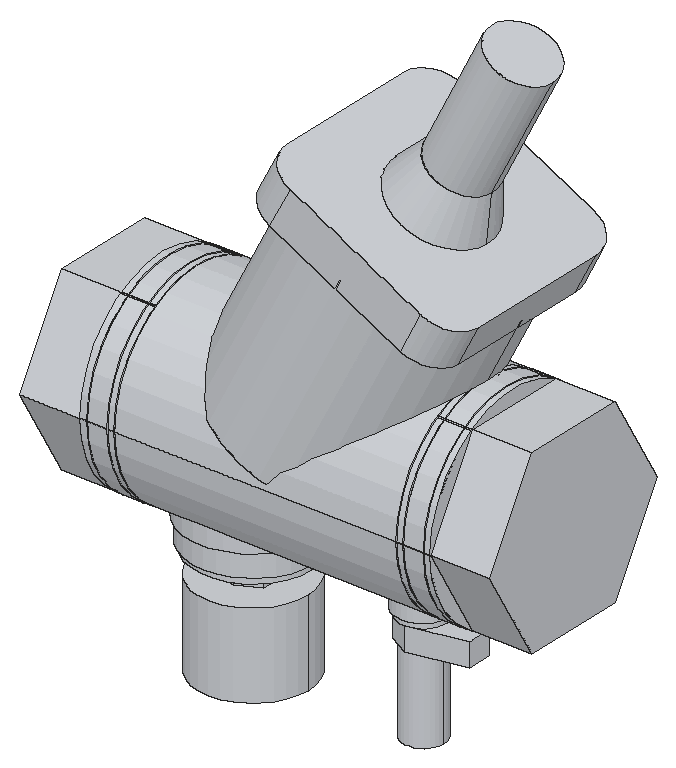
Revit family "Sigma_Compact_DN040_RFA_2019", category Pipe Accessories, Revit 2019
Family settings
  Round Connector Dimension = Use Diameter
  Part Type = Valve - Breaks Into
  Work Plane-Based = No
  Always vertical = Yes
  Cut with Voids When Loaded = No
  Shared = No
Parameters (values of type "Sigma Compact DN 40 s měřením")
  magiProductId = "4e1b5a17d6804847bd559f7e701d18"
  magiProductFamilyId = "3fdb776034814e15a56dcfd1ac03e4"
  magiPartTypeId = 304
  isMeasuringValve [instance] = no
  ang2D [instance] = 0.00°
  Z6 = 39.3 mm
  Z5 = 91.7 mm
  Z4 = 78.6 mm
  Z3 = 13.1 mm
  Z2 = 65.5 mm
  XR2 = 37.5 mm
  XR1 = 25.5 mm
  W2D = 32 mm
  VersionID = "2.0/2018.12.13.2/FRESE_SIGMA_PLUG_Q13_001"
  Use Minimum Symbol Size [instance] = no
  URL = "www.hydronix.cz"
  Type Comments = "závitový; vnitřní závit; PN25; max dp=400kPa; -10~+120°C; max uzavírací tlak 1MPa"
  R4 = 15 mm
  R3 = 10 mm
  R2 = 30.5 mm
  R1 = 31.5 mm
  QmdConnectorList = "301;D;302;D"
  Productdata [instance] = ""
  NL__ve = -NL  # -27.6 mm
  NL = 27.6 mm
  Manufacturer = "Hydronix"
  MC Use Limits From Balancing Method = no
  MC Throttling Minimum Value = 0
  MC Throttling Maximum Value = 0
  MC Product Code = "53-2206 DN40 FF s měřením; (719-7400 l/h); kvs=18,0"
  MC Pressure Drop Minimum Value = 0.0 Pa
  MC Pressure Drop Maximum Value = 0.0 Pa
  MC Piping Given Pressure Drop [instance] = 0.0 Pa
  M5 = 51.4 mm
  M4 = 49.4 mm
  M3 = 43.4 mm
  M2 = 41.4 mm
  LP = 69 mm
  LM = 82.8 mm
  LL__ve = -LL  # -7 mm
  LLT__ve = -LLT  # -24 mm
  LLT = 24 mm
  LLL = 11 mm
  LL3 = 54 mm
  LL2 = 45 mm
  LL = 7 mm
  L3 = 25 mm
  L2D_Min = 30.48 mm
  L2D = 82.4 mm
  Description = "Automatický vyvažovací ventil"
  DR1 = no
  DR0 = yes
  DL2 = 79 mm
  D = 40 mm
  CenSd_R2_6 = R2 * cos(30.00°)  # 26.414 mm
  CAT0 = yes
  C0D1 = no
  C0D0 = yes
Types (3, lengths in mm): name | magiProductId | Z6 | Z5 | Z4 | Z3 | Z2 | NL__ve | NL | MC Product Code | M5 | M4 | M3 | M2 | LP | LM | LL__ve | LLT__ve | LLT | LL3 | LL2 | LL | DL2 | D
  Sigma Compact DN 32 s měřením | "7bc6b6dac0dd45edbe26d667b48f95" | 33 | 77 | 66 | 11 | 55 | -20.8 | 20.8 | "53-2206 DN32 FF s měřením; (200-5000 l/h); kvs=10,9" | 41.2 | 39.2 | 33.2 | 31.2 | 52 | 62.4 | -6.8 | -22.6 | 22.6 | 52 | 43 | 6.8 | 77 | 32
  Sigma Compact DN 40 s měřením | "4e1b5a17d6804847bd559f7e701d18" | 39.3 | 91.7 | 78.6 | 13.1 | 65.5 | -27.6 | 27.6 | "53-2206 DN40 FF s měřením; (719-7400 l/h); kvs=18,0" | 51.4 | 49.4 | 43.4 | 41.4 | 69 | 82.8 | -7 | -24 | 24 | 54 | 45 | 7 | 79 | 40
  Sigma Compact DN 50 s měřením | "620459ae7aa94407adeea4e77bc07b" | 39.3 | 91.7 | 78.6 | 13.1 | 65.5 | -27.6 | 27.6 | "53-2207 DN50 FF s měřením; (900-10350 l/h); kvs=20,3" | 51.4 | 49.4 | 43.4 | 41.4 | 69 | 82.8 | -7.6 | -28.2 | 28.2 | 60 | 51 | 7.6 | 85 | 50
Reference planes
  plane 1 "Center (Front/Back)": y = 0
  plane 2 "XYPLANE": z = 0
  plane 3 "Center (Left/Right)": x = 0
  plane 4 "408": x = 69
  plane 5 "407": x = -69
  plane 6 "404": z = -47
  plane 7 "403": z = -54
  plane 8 "402": z = -79
  plane 9 "213": x = -25
  plane 10 "168": z = -20
  plane 11 "167": z = -22
  plane 12 "166": z = -29
  plane 13 "165": z = -36
  plane 14 "164": z = -38
  plane 15 "154": z = 0
  plane 16 "152": y = 0
  plane 17 "151": z = -45
  plane 18 "150": x = 25
  plane 19 "75": through (307.08, 0, 685.28) normal (0.891, 0, -0.454)
  plane 20 "74": x = 51.4
  plane 21 "73": x = 49.4
  plane 22 "72": x = 43.4
  plane 23 "71": x = 41.4
  plane 24 "70": x = -51.4
  plane 25 "69": x = -49.4
  plane 26 "68": x = -43.4
  plane 27 "67": y = 0
  plane 28 "66": through (-666.893, 0, 343.166) normal (0.454, 0, 0.891)
  plane 29 "65": x = -41.4
  plane 30 "64": through (335.147, 0, 670.979) normal (0.891, 0, -0.454)
  plane 31 "63": through (-638.519, 0, 398.854) normal (0.454, 0, 0.891)
  plane 32 "62": through (363.214, 0, 656.678) normal (0.891, 0, -0.454)
  plane 33 "61": y = 31.5
  plane 34 "60": y = -31.5
  plane 35 "59": through (-632.571, 0, 410.526) normal (0.454, 0, 0.891)
  plane 36 "58": through (-626.624, 0, 422.198) normal (0.454, 0, 0.891)
  plane 37 "56": x = 0
  plane 38 "55": through (-668.255, 0, 340.493) normal (0.454, 0, 0.891)
  plane 39 "102XY": through (-668.255, 0, 340.493) normal (0.454, 0, 0.891)
  plane 40 "102XZ": y = 0
  plane 41 "102YZ": through (340.493, 0, 668.255) normal (0.891, 0, -0.454)
Forms (mm)
  Extrusion 1, solid
    sketch origin (69, -750, 0) x (0, 1, 0) y (0, 0, 1)
      loop
        line (780.5, 0) -> (765.25, 26.414) -> (734.75, 26.414) -> (719.5, 0) -> (734.75, -26.414) -> (765.25, -26.414) -> (780.5, 0)
    from 0 to -27.6 <- "NL__ve"
  Extrusion 2, solid
    sketch origin (-69, -750, 0) x (0, 1, 0) y (0, 0, 1)
      loop
        line (719.5, 0) -> (734.75, -26.414) -> (765.25, -26.414) -> (780.5, 0) -> (765.25, 26.414) -> (734.75, 26.414) -> (719.5, 0)
    from 0 to 27.6 <- "NL"
  Extrusion 3, solid, visible <- "C0D1"
    sketch origin (-750, 0, -79) x (1, 0, 0) y (0, 1, 0)
      loop
        circle (725, 0) r 17.2
    from 0 to 50
  Extrusion 4, solid, visible <- "DR1"
    sketch origin (-750, 0, -47) x (1, 0, 0) y (0, 1, 0)
      loop
        line (725, -8) -> (731.928, -4) -> (731.928, 4) -> (725, 8) -> (707.872, 4) -> (707.872, -4) -> (725, -8)
    from 0 to -7 <- "LL__ve"
  Extrusion 5, solid, visible <- "DR1"
    sketch origin (-750, 0, -47) x (1, 0, 0) y (0, 1, 0)
      loop
        circle (725, 0) r 18.2
    from 0 to 11 <- "LLL"
  Extrusion 6, solid, visible <- "DR1"
    sketch origin (-750, 0, -36) x (1, 0, 0) y (0, 1, 0)
      loop
        circle (725, 0) r 19.2
    from 0 to 7 <- "LL"
  Extrusion 7, solid, visible <- "DR1"
    sketch origin (-750, 0, -29) x (1, 0, 0) y (0, 1, 0)
      loop
        circle (725, 0) r 20.2
    from 0 to 7 <- "LL"
  Blend 8, solid, visible <- "DR1"
    base sketch origin (-750, 0, -20) x (1, 0, 0) y (0, 1, 0)
      loop
        circle (725, 0) r 17.7
    top sketch origin (-750, 0, -20) x (1, 0, 0) y (0, 1, 0)
      loop
        circle (725, 0) r 20.2
    from 0 to -2
  Extrusion 9, solid, visible <- "DR1"
    sketch origin (-750, 0, 0) x (1, 0, 0) y (0, 1, 0)
      loop
        circle (725, 0) r 17.7
    from 0 to -24 <- "LLT__ve"
  Extrusion 10, solid, visible <- "C0D0"
    sketch origin (-750, 0, -45) x (1, 0, 0) y (0, 1, 0)
      loop
        circle (725, 0) r 16.2
    from 0 to -25
  Extrusion 11, solid, visible <- "DR0"
    sketch origin (-750, 0, -38) x (1, 0, 0) y (0, 1, 0)
      loop
        line (725, -7) -> (731.062, -3.5) -> (731.062, 3.5) -> (725, 7) -> (708.738, 3.5) -> (708.738, -3.5) -> (725, -7)
    from 0 to -7 <- "LL__ve"
  Extrusion 12, solid, visible <- "DR0"
    sketch origin (-750, 0, -38) x (1, 0, 0) y (0, 1, 0)
      loop
        circle (725, 0) r 17.2
    from 0 to 2
  Extrusion 13, solid, visible <- "DR0"
    sketch origin (-750, 0, -29) x (1, 0, 0) y (0, 1, 0)
      loop
        circle (725, 0) r 19.2
    from 0 to 7 <- "LL"
  Blend 14, solid, visible <- "DR0"
    base sketch origin (-750, 0, -20) x (1, 0, 0) y (0, 1, 0)
      loop
        circle (725, 0) r 16.7
    top sketch origin (-750, 0, -20) x (1, 0, 0) y (0, 1, 0)
      loop
        circle (725, 0) r 19.2
    from 0 to -2
  Extrusion 15, solid, visible <- "DR0"
    sketch origin (-750, 0, 0) x (1, 0, 0) y (0, 1, 0)
      loop
        circle (725, 0) r 16.7
    from 0 to -24 <- "LLT__ve"
  Extrusion 16, solid, visible <- "DR0"
    sketch origin (-750, 0, 0) x (1, 0, 0) y (0, 1, 0)
      loop
        circle (725, 0) r 16.7
    from 0 to -24 <- "LLT__ve"
  Blend 17, solid, visible <- "DR0"
    base sketch origin (-750, 0, -20) x (1, 0, 0) y (0, 1, 0)
      loop
        circle (725, 0) r 16.7
    top sketch origin (-750, 0, -20) x (1, 0, 0) y (0, 1, 0)
      loop
        circle (725, 0) r 19.2
    from 0 to -2
  Extrusion 18, solid, visible <- "DR0"
    sketch origin (-750, 0, -29) x (1, 0, 0) y (0, 1, 0)
      loop
        circle (725, 0) r 19.2
    from 0 to 7 <- "LL"
  Extrusion 19, solid, visible <- "DR0"
    sketch origin (-750, 0, -36) x (1, 0, 0) y (0, 1, 0)
      loop
        circle (725, 0) r 18.2
    from 0 to 7 <- "LL"
  Extrusion 20, solid, visible <- "DR0"
    sketch origin (-750, 0, -38) x (1, 0, 0) y (0, 1, 0)
      loop
        circle (725, 0) r 17.2
    from 0 to 2
  Extrusion 21, solid, visible <- "DR0"
    sketch origin (-750, 0, -38) x (1, 0, 0) y (0, 1, 0)
      loop
        line (725, -7) -> (731.062, -3.5) -> (731.062, 3.5) -> (725, 7) -> (708.738, 3.5) -> (708.738, -3.5) -> (725, -7)
    from 0 to -7 <- "LL__ve"
  Extrusion 22, solid, visible <- "C0D0"
    sketch origin (-750, 0, -45) x (1, 0, 0) y (0, 1, 0)
      loop
        circle (725, 0) r 16.2
    from 0 to -25
  Extrusion 23, solid, visible <- "CAT0"
    sketch origin (-750, 0, -45) x (1, 0, 0) y (0, 1, 0)
      loop
        circle (775, 0) r 6
    from 0 to -25
  Extrusion 24, solid
    sketch origin (-750, 0, -38) x (1, 0, 0) y (0, 1, 0)
      loop
        line (775, -7) -> (791.262, -3.5) -> (791.262, 3.5) -> (775, 7) -> (768.938, 3.5) -> (768.938, -3.5) -> (775, -7)
    from 0 to -7 <- "LL__ve"
  Extrusion 25, solid
    sketch origin (-750, 0, -38) x (1, 0, 0) y (0, 1, 0)
      loop
        circle (775, 0) r 7
    from 0 to 2
  Extrusion 26, solid
    sketch origin (-750, 0, -36) x (1, 0, 0) y (0, 1, 0)
      loop
        circle (775, 0) r 8
    from 0 to 7 <- "LL"
  Extrusion 27, solid
    sketch origin (-750, 0, -29) x (1, 0, 0) y (0, 1, 0)
      loop
        circle (775, 0) r 9
    from 0 to 7 <- "LL"
  Blend 28, solid
    base sketch origin (-750, 0, -20) x (1, 0, 0) y (0, 1, 0)
      loop
        circle (775, 0) r 6.5
    top sketch origin (-750, 0, -20) x (1, 0, 0) y (0, 1, 0)
      loop
        circle (775, 0) r 9
    from 0 to -2
  Extrusion 29, solid
    sketch origin (-750, 0, 0) x (1, 0, 0) y (0, 1, 0)
      loop
        circle (775, 0) r 6.5
    from 0 to -24 <- "LLT__ve"
  Blend 30, solid, visible <- "CAT0"
    base sketch origin (49.4, -750, 0) x (0, 1, 0) y (0, 0, 1)
      loop
        circle (750, 0) r 30.5
    top sketch origin (49.4, -750, 0) x (0, 1, 0) y (0, 0, 1)
      loop
        circle (750, 0) r 30.5
    from 0 to 2
  Extrusion 31, solid, visible <- "CAT0"
    sketch origin (43.4, -750, 0) x (0, 1, 0) y (0, 0, 1)
      loop
        circle (750, 0) r 30.5
    from 0 to 6
  Blend 32, solid, visible <- "CAT0"
    base sketch origin (41.4, -750, 0) x (0, 1, 0) y (0, 0, 1)
      loop
        circle (750, 0) r 30.5
    top sketch origin (41.4, -750, 0) x (0, 1, 0) y (0, 0, 1)
      loop
        circle (750, 0) r 30.5
    from 0 to 2
  Blend 33, solid, visible <- "CAT0"
    base sketch origin (-49.4, -750, 0) x (0, 1, 0) y (0, 0, 1)
      loop
        circle (750, 0) r 30.5
    top sketch origin (-49.4, -750, 0) x (0, 1, 0) y (0, 0, 1)
      loop
        circle (750, 0) r 30.5
    from 0 to -2
  Extrusion 34, solid, visible <- "CAT0"
    sketch origin (-49.4, -750, 0) x (0, 1, 0) y (0, 0, 1)
      loop
        circle (750, 0) r 30.5
    from 0 to 6
  Blend 35, solid, visible <- "CAT0"
    base sketch origin (-43.4, -750, 0) x (0, 1, 0) y (0, 0, 1)
      loop
        circle (750, 0) r 30.5
    top sketch origin (-43.4, -750, 0) x (0, 1, 0) y (0, 0, 1)
      loop
        circle (750, 0) r 30.5
    from 0 to 2
  Extrusion 36, solid, visible <- "CAT0"
    sketch origin (-41.4, -750, 0) x (0, 1, 0) y (0, 0, 1)
      loop
        circle (750, 0) r 30.5
    from 0 to 82.8 <- "LM"
  Extrusion 37, solid, visible <- "CAT0"
    sketch origin (-666.893, 0, 343.166) x (0.891007, 0, -0.45399) y (0, 1, 0)
      loop
        circle (744, 0) r 31.5
    from 0 to 65.5 <- "Z2"
  Extrusion 38, solid, visible <- "CAT0"
    sketch origin (-638.519, 0, 398.854) x (0.891007, 0, -0.45399) y (0, 1, 0)
      loop
        arc (722.5, 31.5) -> (715.429, 28.571) -> (712.5, 21.5) r 10
        line (712.5, 21.5) -> (712.5, -21.5)
        arc (712.5, -21.5) -> (715.429, -28.571) -> (722.5, -31.5) r 10
        line (722.5, -31.5) -> (765.5, -31.5)
        arc (765.5, -31.5) -> (772.571, -28.571) -> (775.5, -21.5) r 10
        line (775.5, -21.5) -> (775.5, 21.5)
        arc (775.5, 21.5) -> (772.571, 28.571) -> (765.5, 31.5) r 10
        line (765.5, 31.5) -> (722.5, 31.5)
    from 0 to 13.1 <- "Z3"
  Blend 39, solid, visible <- "CAT0"
    base sketch origin (-632.571, 0, 410.526) x (0.891007, 0, -0.45399) y (0, 1, 0)
      loop
        circle (744, 0) r 15
    top sketch origin (-632.571, 0, 410.526) x (0.891007, 0, -0.45399) y (0, 1, 0)
      loop
        circle (744, 0) r 10
    from 0 to 13.1
  Extrusion 40, solid, visible <- "CAT0"
    sketch origin (-626.624, 0, 422.198) x (0.891007, 0, -0.45399) y (0, 1, 0)
      loop
        circle (744, 0) r 10
    from 0 to 39.3 <- "Z6"
  Blend 41, solid, visible <- "CAT0"
    base sketch origin (-668.255, 0, 340.493) x (0.891007, 0, -0.45399) y (0, 1, 0)
      loop
        circle (744, 0) r 15
    top sketch origin (-668.255, 0, 340.493) x (0.891007, 0, -0.45399) y (0, 1, 0)
      loop
        circle (744, 0) r 31.5
    from 0 to 3
  Extrusion 42, solid, not visible
    sketch origin (-51.4, -750, 0) x (0, 1, 0) y (0, 0, 1)
      loop
        circle (750, 0) r 10
    from 0 to 10
  Extrusion 43, solid, not visible
    sketch origin (51.4, -750, 0) x (0, 1, 0) y (0, 0, 1)
      loop
        circle (750, 0) r 10
    from 0 to -10
Lines and regions (mm)
  reference lines, not visible
    curve 1: circle (2, 2, 0) r 1 normal (0, 0, 1)
  reference lines
    curve 2: line (69, 0, 0) -> (69, -7.625, 13.207)
    curve 3: line (69, 0, 0) -> (69, -15.25, 0)
    curve 4: line (69, 0, 0) -> (69, -7.625, -13.207)
    curve 5: line (-69, 0, 0) -> (-69, 7.625, 13.207)
    curve 6: line (-69, 0, 0) -> (-69, 15.25, 0)
    curve 7: line (-69, 0, 0) -> (-69, 7.625, -13.207)
Dimensions and locks
  plane 1 "Center (Front/Back)" to curve 1 = 2 mm
  "LP": plane 37 "56" to plane 4 "408"
  "LP": plane 37 "56" to plane 5 "407"
  "LL": plane 7 "403" to plane 6 "404"
  "LL3": plane 2 "XYPLANE" to plane 7 "403"
  "DL2": plane 2 "XYPLANE" to plane 8 "402"
  "L3": plane 3 "Center (Left/Right)" to plane 9 "213"
  locked: plane 11 "167" to plane 10 "168" at 2
  "LL": plane 12 "166" to plane 11 "167"
  "LL": plane 13 "165" to plane 12 "166"
  locked: plane 14 "164" to plane 13 "165" at 2
  "LL": plane 17 "151" to plane 14 "164"
  locked: plane 2 "XYPLANE" to plane 15 "154"
  locked: plane 1 "Center (Front/Back)" to plane 16 "152"
  "LL2": plane 2 "XYPLANE" to plane 17 "151"
  "L3": plane 3 "Center (Left/Right)" to plane 18 "150"
  "XR2": plane 41 "102YZ" to plane 19 "75"
  "M5": plane 3 "Center (Left/Right)" to plane 20 "74"
  "M4": plane 3 "Center (Left/Right)" to plane 21 "73"
  "M3": plane 3 "Center (Left/Right)" to plane 22 "72"
  "M2": plane 3 "Center (Left/Right)" to plane 23 "71"
  "M5": plane 3 "Center (Left/Right)" to plane 24 "70"
  "M4": plane 3 "Center (Left/Right)" to plane 25 "69"
  "M3": plane 3 "Center (Left/Right)" to plane 26 "68"
  locked: plane 16 "152" to plane 27 "67"
  locked: plane 39 "102XY" to plane 28 "66" at 3
  "M2": plane 3 "Center (Left/Right)" to plane 29 "65"
  locked: plane 41 "102YZ" to plane 30 "64" at 6
  "Z2": plane 39 "102XY" to plane 31 "63"
  "XR1": plane 41 "102YZ" to plane 32 "62"
  "R1": plane 16 "152" to plane 33 "61"
  "R1": plane 16 "152" to plane 34 "60"
  "Z4": plane 39 "102XY" to plane 35 "59"
  "Z5": plane 39 "102XY" to plane 36 "58"
  locked: plane 3 "Center (Left/Right)" to plane 37 "56"
  locked: plane 39 "102XY" to plane 38 "55"
  "CenSd_R2_6": curve 2 to Extrusion 1 sketch curve  (x2)
  "CenSd_R2_6": curve 3 to Extrusion 1 sketch curve  (x2)
  "CenSd_R2_6": curve 4 to Extrusion 1 sketch curve  (x2)
  Extrusion 1 sketch curve to Extrusion 1 sketch curve = 0 mm  (x12)
  "CenSd_R2_6": curve 5 to Extrusion 2 sketch curve  (x2)
  "CenSd_R2_6": curve 6 to Extrusion 2 sketch curve  (x2)
  "CenSd_R2_6": curve 7 to Extrusion 2 sketch curve  (x2)
  Extrusion 2 sketch curve to Extrusion 2 sketch curve = 0 mm  (x12)
  Extrusion 4 sketch curve to Extrusion 4 sketch curve = 0 mm  (x12)
  Extrusion 11 sketch curve to Extrusion 11 sketch curve = 0 mm  (x12)
  Extrusion 21 sketch curve to Extrusion 21 sketch curve = 0 mm  (x12)
  Extrusion 24 sketch curve to Extrusion 24 sketch curve = 0 mm  (x12)
  Extrusion 38 sketch curve to Extrusion 38 sketch curve = 0 mm  (x16)
  "R2": radius of Blend 30 sketch curve  (x2)
  "R2": radius of Extrusion 31 sketch curve
  "R2": radius of Blend 32 sketch curve  (x2)
  "R2": radius of Blend 33 sketch curve  (x2)
  "R2": radius of Extrusion 34 sketch curve
  "R2": radius of Blend 35 sketch curve  (x2)
  "R2": radius of Extrusion 36 sketch curve
  "R1": radius of Extrusion 37 sketch curve
  radius of Extrusion 38 sketch curve = 10 mm  (x4)
  "R3": radius of Blend 39 sketch curve
  "R4": radius of Blend 39 sketch curve
  "R3": radius of Extrusion 40 sketch curve
  "R1": radius of Blend 41 sketch curve
  locked: curve 3 to curve 2 (angle 60.00°)
  locked: curve 4 to curve 3 (angle 60.00°)
  locked: curve 4 to curve 2 (angle 120.00°)
  locked: curve 6 to curve 5 (angle 60.00°)
  locked: curve 7 to curve 6 (angle 60.00°)
  locked: curve 7 to curve 5 (angle 120.00°)
  aligned and locked: level to plane 2 "XYPLANE"
  aligned and locked: plane 15 "154" to curve 4
  aligned and locked: curve 4 to plane 16 "152"
  aligned and locked: plane 15 "154" to curve 7
  aligned and locked: curve 7 to plane 16 "152"
  aligned and locked: plane 9 "213" to Extrusion 3 sketch curve
  aligned and locked: plane 16 "152" to Extrusion 3 sketch curve
  aligned and locked: plane 9 "213" to Extrusion 5 sketch curve
  aligned and locked: plane 16 "152" to Extrusion 5 sketch curve
  aligned and locked: plane 9 "213" to Extrusion 6 sketch curve
  aligned and locked: plane 16 "152" to Extrusion 6 sketch curve
  aligned and locked: plane 9 "213" to Extrusion 7 sketch curve
  aligned and locked: plane 16 "152" to Extrusion 7 sketch curve
  aligned and locked: plane 9 "213" to Blend 8 sketch curve  (x2)
  aligned and locked: plane 16 "152" to Blend 8 sketch curve  (x2)
  aligned and locked: Blend 8 to plane 11 "167"
  aligned and locked: plane 9 "213" to Extrusion 9 sketch curve
  aligned and locked: plane 16 "152" to Extrusion 9 sketch curve
  aligned and locked: plane 9 "213" to Extrusion 10 sketch curve
  aligned and locked: plane 16 "152" to Extrusion 10 sketch curve
  aligned and locked: plane 9 "213" to Extrusion 12 sketch curve
  aligned and locked: plane 16 "152" to Extrusion 12 sketch curve
  aligned and locked: plane 9 "213" to Extrusion 13 sketch curve
  aligned and locked: plane 16 "152" to Extrusion 13 sketch curve
  aligned and locked: plane 9 "213" to Blend 14 sketch curve  (x2)
  aligned and locked: plane 16 "152" to Blend 14 sketch curve  (x2)
  aligned and locked: Blend 14 to plane 11 "167"
  aligned and locked: plane 9 "213" to Extrusion 15 sketch curve
  aligned and locked: plane 16 "152" to Extrusion 15 sketch curve
  aligned and locked: plane 9 "213" to Extrusion 16 sketch curve
  aligned and locked: plane 16 "152" to Extrusion 16 sketch curve
  aligned and locked: plane 9 "213" to Blend 17 sketch curve  (x2)
  aligned and locked: plane 16 "152" to Blend 17 sketch curve  (x2)
  aligned and locked: Blend 17 to plane 11 "167"
  aligned and locked: plane 9 "213" to Extrusion 18 sketch curve
  aligned and locked: plane 16 "152" to Extrusion 18 sketch curve
  aligned and locked: plane 9 "213" to Extrusion 19 sketch curve
  aligned and locked: plane 16 "152" to Extrusion 19 sketch curve
  aligned and locked: plane 9 "213" to Extrusion 20 sketch curve
  aligned and locked: plane 16 "152" to Extrusion 20 sketch curve
  aligned and locked: plane 9 "213" to Extrusion 22 sketch curve
  aligned and locked: plane 16 "152" to Extrusion 22 sketch curve
  aligned and locked: plane 16 "152" to Extrusion 23 sketch curve
  aligned and locked: plane 18 "150" to Extrusion 23 sketch curve
  aligned and locked: plane 16 "152" to Extrusion 25 sketch curve
  aligned and locked: plane 18 "150" to Extrusion 25 sketch curve
  aligned and locked: plane 16 "152" to Extrusion 26 sketch curve
  aligned and locked: plane 18 "150" to Extrusion 26 sketch curve
  aligned and locked: plane 16 "152" to Extrusion 27 sketch curve
  aligned and locked: plane 18 "150" to Extrusion 27 sketch curve
  aligned and locked: plane 16 "152" to Blend 28 sketch curve  (x2)
  aligned and locked: plane 18 "150" to Blend 28 sketch curve  (x2)
  aligned and locked: Blend 28 to plane 11 "167"
  aligned and locked: plane 16 "152" to Extrusion 29 sketch curve
  aligned and locked: plane 18 "150" to Extrusion 29 sketch curve
  aligned and locked: plane 15 "154" to Blend 30 sketch curve  (x2)
  aligned and locked: Blend 30 sketch curve to plane 16 "152"  (x2)
  aligned and locked: plane 20 "74" to Blend 30
  aligned and locked: plane 15 "154" to Extrusion 31 sketch curve
  aligned and locked: Extrusion 31 sketch curve to plane 16 "152"
  aligned and locked: plane 15 "154" to Blend 32 sketch curve  (x2)
  aligned and locked: Blend 32 sketch curve to plane 16 "152"  (x2)
  aligned and locked: plane 22 "72" to Blend 32
  aligned and locked: plane 15 "154" to Blend 33 sketch curve  (x2)
  aligned and locked: Blend 33 sketch curve to plane 16 "152"  (x2)
  aligned and locked: Blend 33 to plane 24 "70"
  aligned and locked: plane 15 "154" to Extrusion 34 sketch curve
  aligned and locked: Extrusion 34 sketch curve to plane 16 "152"
  aligned and locked: plane 15 "154" to Blend 35 sketch curve  (x2)
  aligned and locked: Blend 35 sketch curve to plane 16 "152"  (x2)
  aligned and locked: plane 29 "65" to Blend 35
  aligned and locked: plane 15 "154" to Extrusion 36 sketch curve
  aligned and locked: Extrusion 36 sketch curve to plane 16 "152"
  aligned and locked: plane 27 "67" to Extrusion 37 sketch curve
  aligned and locked: Extrusion 37 sketch curve to plane 30 "64"
  aligned and locked: Extrusion 38 sketch curve to plane 19 "75"
  aligned and locked: Extrusion 38 sketch curve to plane 34 "60"
  aligned and locked: Extrusion 38 sketch curve to plane 32 "62"
  aligned and locked: plane 33 "61" to Extrusion 38 sketch curve
  aligned and locked: plane 27 "67" to Blend 39 sketch curve  (x2)
  aligned and locked: Blend 39 sketch curve to plane 30 "64"  (x2)
  aligned and locked: plane 36 "58" to Blend 39
  aligned and locked: plane 27 "67" to Extrusion 40 sketch curve
  aligned and locked: Extrusion 40 sketch curve to plane 30 "64"
  aligned and locked: plane 27 "67" to Blend 41 sketch curve  (x2)
  aligned and locked: Blend 41 sketch curve to plane 30 "64"  (x2)
  aligned and locked: plane 28 "66" to Blend 41
  aligned and locked: plane 15 "154" to Extrusion 42 sketch curve
  aligned and locked: Extrusion 42 sketch curve to plane 16 "152"
  aligned and locked: plane 15 "154" to Extrusion 43 sketch curve
  aligned and locked: Extrusion 43 sketch curve to plane 16 "152"
Automatic sketch dimensions
  Extrusion 3 sketch curve to plane 29 "65" = 0.8 mm
  Extrusion 4 sketch curve to plane 9 "213" = 0 mm  (x2)
  Extrusion 4 sketch curve to plane 29 "65" = 0.728 mm
  plane 9 "213" to Extrusion 4 sketch curve = 6.928 mm
  plane 1 "Center (Front/Back)" to Extrusion 4 sketch curve = 8 mm
  plane 1 "Center (Front/Back)" to Extrusion 4 sketch curve = 4 mm  (x2)
  Extrusion 4 sketch curve to plane 1 "Center (Front/Back)" = 4 mm  (x2)
  Extrusion 4 sketch curve to plane 1 "Center (Front/Back)" = 8 mm
  plane 26 "68" to Extrusion 5 sketch curve = 0.2 mm
  Extrusion 6 sketch curve to plane 26 "68" = 0.8 mm
  Extrusion 7 sketch curve to plane 26 "68" = 1.8 mm
  plane 26 "68" to Blend 8 sketch curve = 0.7 mm
  Blend 8 sketch curve to plane 26 "68" = 1.8 mm
  plane 26 "68" to Extrusion 9 sketch curve = 0.7 mm
  plane 29 "65" to Extrusion 10 sketch curve = 0.2 mm
  Extrusion 11 sketch curve to plane 9 "213" = 0 mm  (x2)
  plane 29 "65" to Extrusion 11 sketch curve = 0.138 mm
  plane 9 "213" to Extrusion 11 sketch curve = 6.062 mm
  plane 1 "Center (Front/Back)" to Extrusion 11 sketch curve = 7 mm
  plane 1 "Center (Front/Back)" to Extrusion 11 sketch curve = 3.5 mm  (x2)
  Extrusion 11 sketch curve to plane 1 "Center (Front/Back)" = 3.5 mm  (x2)
  Extrusion 11 sketch curve to Extrusion 11 sketch curve = 3.5 mm
  Extrusion 12 sketch curve to plane 29 "65" = 0.8 mm
  Extrusion 13 sketch curve to plane 26 "68" = 0.8 mm
  Blend 14 sketch curve to plane 29 "65" = 0.3 mm
  Blend 14 sketch curve to plane 26 "68" = 0.8 mm
  Extrusion 15 sketch curve to plane 29 "65" = 0.3 mm
  Extrusion 16 sketch curve to plane 29 "65" = 0.3 mm
  Blend 17 sketch curve to plane 29 "65" = 0.3 mm
  Blend 17 sketch curve to plane 26 "68" = 0.8 mm
  Extrusion 18 sketch curve to plane 26 "68" = 0.8 mm
  plane 26 "68" to Extrusion 19 sketch curve = 0.2 mm
  Extrusion 20 sketch curve to plane 29 "65" = 0.8 mm
  Extrusion 21 sketch curve to plane 9 "213" = 0 mm  (x2)
  plane 29 "65" to Extrusion 21 sketch curve = 0.138 mm
  plane 9 "213" to Extrusion 21 sketch curve = 6.062 mm
  plane 1 "Center (Front/Back)" to Extrusion 21 sketch curve = 7 mm
  plane 1 "Center (Front/Back)" to Extrusion 21 sketch curve = 3.5 mm  (x2)
  Extrusion 21 sketch curve to plane 1 "Center (Front/Back)" = 3.5 mm  (x2)
  Extrusion 21 sketch curve to Extrusion 21 sketch curve = 3.5 mm
  plane 29 "65" to Extrusion 22 sketch curve = 0.2 mm
  Extrusion 23 sketch curve to plane 18 "150" = 6 mm
  Extrusion 24 sketch curve to plane 18 "150" = 0 mm  (x2)
  Extrusion 24 sketch curve to plane 18 "150" = 6.062 mm
  Extrusion 24 sketch curve to plane 23 "71" = 0.138 mm
  plane 1 "Center (Front/Back)" to Extrusion 24 sketch curve = 7 mm
  plane 1 "Center (Front/Back)" to Extrusion 24 sketch curve = 3.5 mm  (x2)
  Extrusion 24 sketch curve to plane 1 "Center (Front/Back)" = 3.5 mm  (x2)
  Extrusion 24 sketch curve to Extrusion 24 sketch curve = 3.5 mm
  Extrusion 25 sketch curve to plane 18 "150" = 7 mm
  Extrusion 26 sketch curve to plane 18 "150" = 8 mm
  Extrusion 27 sketch curve to Extrusion 27 sketch curve = 9 mm
  Blend 28 sketch curve to plane 18 "150" = 6.5 mm
  Blend 28 sketch curve to Blend 28 sketch curve = 9 mm
  Extrusion 29 sketch curve to plane 18 "150" = 6.5 mm
  Blend 41 sketch curve to Blend 41 sketch curve = 15 mm
  plane 1 "Center (Front/Back)" to Extrusion 42 sketch curve = 10 mm
  plane 1 "Center (Front/Back)" to Extrusion 43 sketch curve = 10 mm
  plane 3 "Center (Left/Right)" to curve 1 = 2 mm
  radius of curve 1 = 1 mm
Connectors
  piping at (-51.4, 0, 0), diameter 40, driven by "D"
    settings: on Extrusion 42, index 1, connector inside diameter 609.6 mm, connector length 0 mm, flow factor 0, pipe flow 0.0 L/s, pressure drop 0.0 Pa, fitting loss kfactor 0, connector angle 0.00°, fixture units 0, engagement length 0 mm, angle of deflection 0.00°, flow configuration 0, flow direction 0, fitting loss method 0, system type 29, joint type 0, gender type 0, connector reference index 2, connector utility 0, adjustable connector no, is connector primary yes, connector description ""
  piping at (51.4, 0, 0), diameter 40, driven by "D"
    settings: on Extrusion 43, index 2, connector inside diameter 609.6 mm, connector length 0 mm, flow factor 0, pipe flow 0.0 L/s, pressure drop 0.0 Pa, fitting loss kfactor 0, connector angle 0.00°, fixture units 0, engagement length 0 mm, angle of deflection 0.00°, flow configuration 0, flow direction 0, fitting loss method 0, system type 29, joint type 0, gender type 0, connector reference index 1, connector utility 0, adjustable connector no, is connector primary no, connector description ""
